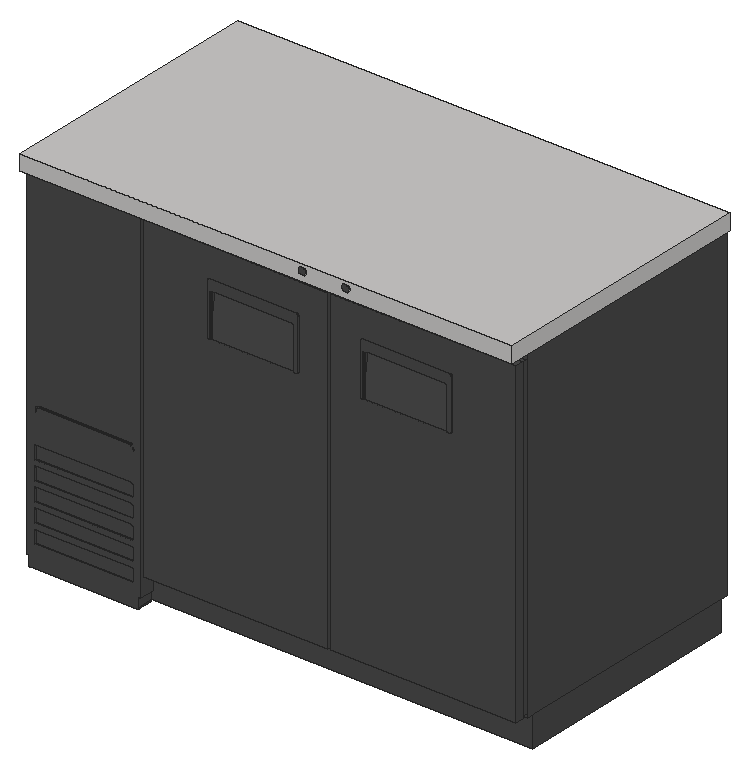
Revit family "QF_EVEREST_EBB48", category Specialty Equipment, Revit 2015
Parameters
  Weight in Pounds = 269
  Watts = if(Phase = 3, Volts * FL Amps * 1.73, Volts * FL Amps)  # 402.5 W
  Volts = 115 V
  URL Cutsheet = ""
  Specification by User = ""
  Specification by Manufacturer = ""
  Show Clearance [instance] = yes
  Show 6 Inches Legs [instance] = no
  Show 5 Inches Casters [instance] = no
  Show 3.5 Inches Legs [instance] = no
  Show 3 Inches Casters [instance] = no
  Serial Number = ""
  Seismic Rating = ""
  SMACNA No = ""
  Revision Code = ""
  Refrigerant Volume = 0.00 kip
  Refrigerant Type = "R-290"
  Phase = 1
  Number of Poles = 1
  NAFEM Spec ID Number = ""
  Model = "EBB48"
  Min Ckt Ampacity = 0 A
  Max Overcurrent Protection = 0 A
  Masterspec = ""
  Manufacturer = "EVEREST"
  Length = 1246 mm
  Item Number = ""
  Installed By = ""
  Identify Quantity as Lot = yes
  Height = 944 mm
  HP = "1/4+"
  Furnished By = ""
  Foodservice Equipment Identifier = yes
  FL Amps = 3.5 A
  Electrical Remarks = ""
  Electric Connection Type = ""
  Elec Conn RI Height = 0 mm
  Elec Conn Connection Height = 0 mm
  Description = "BACK BAR COOLERS"
  Depth = 688 mm
  Default [instance] = if(or(Show 3 Inches Casters, Show 5 Inches Casters), or(or(Show 3.5 Inches Legs, Show 6 Inches Legs), and(Show 3 Inches Casters, Show 5 Inches Casters)), if(Show 3.5 Inches Legs, Show 6 Inches Legs, not(Show 6 Inches Legs)))  # yes
  Cycle = 60 Hz
  Conn Plug = "NEMA 5-15P"
  Conn Conduit = yes
  CSI MasterFormat = ""
  Base Height [instance] = if(Show 3 Inches Casters, 76.2 mm, if(Show 5 Inches Casters, 127 mm, if(Show 3.5 Inches Legs, 88.9 mm, if(Show 6 Inches Legs, 152.4 mm, if(Default, 0 mm, 0 mm)))))  # 0 mm
  BTUH = 1926.0 Btu/h
  Apparent Power = if(Phase = 3, Volts * FL Amps * 1.73, Volts * FL Amps)  # 402.5 VA
Reference planes
  plane 1 "BACK": y = 0
  plane 2: z = 0
  plane 3 "LEFT": x = 0
  plane 4 "RIGHT": x = 1246
  plane 5 "FRONT": y = -688
  plane 6 "TOP": z = 944
  plane 7 "Center Y": x = 623
  plane 8 "Center X": y = -344
  plane 9: y = -1135
  plane 10: z = 0
  plane 11: x = 113
  plane 12: y = -575
  plane 13: x = 1133
  plane 14: y = -68
Dimensions and locks
  equal spacing: plane 3 "LEFT", plane 7 "Center Y", plane 4 "RIGHT"
  "Length": plane 3 "LEFT" to plane 4 "RIGHT"
  equal spacing: plane 5 "FRONT", plane 8 "Center X", plane 1 "BACK"
  "Depth": plane 5 "FRONT" to plane 1 "BACK"
  plane 5 "FRONT" to plane 1 "BACK" = 688 mm
  "Height": plane 6 "TOP" to level
  plane 1 "BACK" to plane 5 "FRONT" = 688 mm
  plane 1 "BACK" to plane 9 = 1135 mm
  plane 6 "TOP" to level = 944 mm
  plane 9 to plane 1 "BACK" = 1135 mm
  "Base Height": plane 10 to plane 2
  plane 12 to plane 5 "FRONT" = 113 mm
  aligned and locked: level to plane 2
  aligned and locked: nested 1 to plane 10
Nested families
  nested 1: "EBB48" at (0, 0, 0), Show Clearance <- "Show Clearance", type "EBB48"
    with Show Clearance yes
  nested 2: "CASTERS & LEGS" at (123, -575, 0), Show 3 Inches Casters <- "Show 3 Inches Casters", Show 5" Casters <- "Show 5 Inches Casters", Show 3.5 Inches Legs <- "Show 3.5 Inches Legs", Show 6"  Legs <- "Show 6 Inches Legs", type "CASTERS & LEGS"
    with Type Mark "", Specification by User "", Show 6"  Legs no, Show 5" Casters no, Show 3.5 Inches Legs no, Show 3 Inches Casters no, Revision Code "", Item Number "", Installed By "", Identify Quantity as Lot yes, Furnished By "", Foodservice Equipment Identifier yes
  nested 3: "CASTERS & LEGS" at (1143, -575, 0), Show 3 Inches Casters <- "Show 3 Inches Casters", Show 5" Casters <- "Show 5 Inches Casters", Show 3.5 Inches Legs <- "Show 3.5 Inches Legs", Show 6"  Legs <- "Show 6 Inches Legs", type "CASTERS & LEGS"
    with Type Mark "", Specification by User "", Show 6"  Legs no, Show 5" Casters no, Show 3.5 Inches Legs no, Show 3 Inches Casters no, Revision Code "", Item Number "", Installed By "", Identify Quantity as Lot yes, Furnished By "", Foodservice Equipment Identifier yes
  nested 4: "CASTERS & LEGS" at (123, -68, 0), Show 3 Inches Casters <- "Show 3 Inches Casters", Show 5" Casters <- "Show 5 Inches Casters", Show 3.5 Inches Legs <- "Show 3.5 Inches Legs", Show 6"  Legs <- "Show 6 Inches Legs", type "CASTERS & LEGS"
    with Type Mark "", Specification by User "", Show 6"  Legs no, Show 5" Casters no, Show 3.5 Inches Legs no, Show 3 Inches Casters no, Revision Code "", Item Number "", Installed By "", Identify Quantity as Lot yes, Furnished By "", Foodservice Equipment Identifier yes
  nested 5: "CASTERS & LEGS" at (1143, -68, 0), Show 3 Inches Casters <- "Show 3 Inches Casters", Show 5" Casters <- "Show 5 Inches Casters", Show 3.5 Inches Legs <- "Show 3.5 Inches Legs", Show 6"  Legs <- "Show 6 Inches Legs", type "CASTERS & LEGS"
    with Type Mark "", Specification by User "", Show 6"  Legs no, Show 5" Casters no, Show 3.5 Inches Legs no, Show 3 Inches Casters no, Revision Code "", Item Number "", Installed By "", Identify Quantity as Lot yes, Furnished By "", Foodservice Equipment Identifier yes
Connectors
  electrical at (145.438, -1, 508.297), driven by "Volts", driven by "Watts"
    settings: on nested 1, index 1, voltage 115 V, apparent load 402.5 VA, apparent load phase1 0 VA, apparent load phase2 0 VA, apparent load phase3 0 VA, power factor 1, load classification "Other", number of poles 1, system type 30, power factor state 1, is connector primary yes, connector utility no, sub classification motor no, connector description "ELECTRICAL CONNECTION"
Definition of nested family "EBB48"
  Parameters (values of type "EBB48")
    Weight in Pounds = 252
    Watts = if(Phase = 3, Volts * FL Amps * 1.73, Volts * FL Amps)  # 402.5 W
    Volts = 115 V
    URL Cutsheet = ""
    Specification by User = ""
    Specification by Manufacturer = ""
    Show Clearance [instance] = yes
    Serial Number = ""
    Seismic Rating = ""
    SMACNA No = ""
    Revision Code = ""
    Refrigerant Volume = 0.00 kip
    Refrigerant Type = "R-290"
    Phase = 1
    Number of Poles = 1
    NAFEM Spec ID Number = ""
    Model = "EBB23"
    Min Ckt Ampacity = 0 A
    Max Overcurrent Protection = 0 A
    Masterspec = ""
    Manufacturer = "EVEREST"
    Length = 1246 mm
    Item Number = ""
    Installed By = ""
    Identify Quantity as Lot = yes
    Height = 944 mm
    HP = "1/4+"
    Furnished By = ""
    Foodservice Equipment Identifier = yes
    FL Amps = 3.5 A
    Electrical Remarks = ""
    Electric Connection Type = ""
    Elec Conn RI Height = 0 mm
    Elec Conn Connection Height = 0 mm
    Description = "BACK BAR COOLERS"
    Depth = 688 mm
    Cycle = 60 Hz
    Conn Plug = "NEMA 5-15P"
    Conn Conduit = yes
    CSI MasterFormat = ""
    BTUH = 1926.0 Btu/h
    Apparent Power = if(Phase = 3, Volts * FL Amps * 1.73, Volts * FL Amps)  # 402.5 VA
  Reference planes
    plane 1 "BACK": y = 0
    plane 2: z = 0
    plane 3 "LEFT": x = 0
    plane 4 "RIGHT": x = 1246
    plane 5 "FRONT": y = -688
    plane 6 "TOP": z = 944
    plane 7 "Center Y": x = 623
    plane 8 "Center X": y = -344
    plane 9: z = 754
    plane 10: z = 55
    plane 11: z = 75
    plane 12: y = -1135
  Forms (mm)
    Extrusion 1, solid
      sketch origin (0, 0, -57) x (0, 1, 0) y (0, 0, 1)
        loop
          line (-688, 1001) -> (-688, 961) -> (0, 961) -> (0, 1001) -> (-688, 1001)
      from 0 to 1246
    Extrusion 2, solid
      sketch origin (0, 0, -57) x (0, 1, 0) y (0, 0, 1)
        loop
          line (-633, 961) -> (-633, 132) -> (-3, 132) -> (-3, 961) -> (-633, 961)
      from 3 to 1243
    Extrusion 3, solid
      sketch origin (0, -633, 894) x (0, 0, 1) y (-1, 0, 0)
        loop
          line (-809.8, -762.8) -> (-7.2, -762.8) -> (-7.2, -301.2) -> (-809.8, -301.2) -> (-809.8, -762.8)
        loop
          line (-7.2, -1238.8) -> (-7.2, -777.2) -> (-809.8, -777.2) -> (-809.8, -1238.8) -> (-7.2, -1238.8)
      from 0 to 15.5
    Extrusion 4, solid
      sketch origin (0, -648.5, 894) x (0, 0, 1) y (-1, 0, 0)
        loop
          line (-4, -774) -> (-813, -774) -> (-813, -1242) -> (-4, -1242) -> (-4, -774)
        loop
          line (-4, -766) -> (-4, -298) -> (-813, -298) -> (-813, -766) -> (-4, -766)
      from 0 to 22
    Extrusion 5, solid
      sketch origin (0, -688, 924) x (0, 0, 1) y (-1, 0, 0)
        loop
          arc (12, -709.898) -> (4, -705.522) -> (-4, -709.898) r 9.5
          line (-4, -709.898) -> (-4, -720.145)
          arc (-4, -720.145) -> (4, -724.522) -> (12, -720.145) r 9.5
          line (12, -720.145) -> (12, -709.898)
        loop
          arc (12, -819.855) -> (4, -815.478) -> (-4, -819.855) r 9.5
          line (-4, -819.855) -> (-4, -830.102)
          arc (-4, -830.102) -> (4, -834.478) -> (12, -830.102) r 9.5
          line (12, -830.102) -> (12, -819.855)
      from 0 to 0.3
    Extrusion 6, solid
      sketch origin (0, -670.5, 894) x (0, 0, 1) y (-1, 0, 0)
        loop
          arc (-104, -1063) -> (-105.464, -1066.536) -> (-109, -1068) r 5
          line (-109, -1068) -> (-210.5, -1068)
          arc (-210.5, -1068) -> (-211.856, -1068.273) -> (-213, -1069.051) r 3.5
          arc (-213, -1069.051) -> (-213.74, -1070.177) -> (-214, -1071.5) r 3.5
          line (-214, -1071.5) -> (-214, -1075.5)
          arc (-214, -1075.5) -> (-212.975, -1077.975) -> (-210.5, -1079) r 3.5
          line (-210.5, -1079) -> (-84, -1079)
          arc (-84, -1079) -> (-80.464, -1077.536) -> (-79, -1074) r 5
          line (-79, -1074) -> (-79, -854)
          arc (-79, -854) -> (-80.464, -850.464) -> (-84, -849) r 5
          line (-84, -849) -> (-210.5, -849)
          arc (-210.5, -849) -> (-212.975, -850.025) -> (-214, -852.5) r 3.5
          line (-214, -852.5) -> (-214, -856.5)
          arc (-214, -856.5) -> (-213.74, -857.823) -> (-213, -858.949) r 3.5
          arc (-213, -858.949) -> (-211.856, -859.727) -> (-210.5, -860) r 3.5
          line (-210.5, -860) -> (-109, -860)
          arc (-109, -860) -> (-105.464, -861.464) -> (-104, -865) r 5
          line (-104, -865) -> (-104, -1063)
        loop
          arc (-104, -675) -> (-105.464, -678.536) -> (-109, -680) r 5
          line (-109, -680) -> (-210.5, -680)
          arc (-210.5, -680) -> (-211.856, -680.273) -> (-213, -681.051) r 3.5
          arc (-213, -681.051) -> (-213.74, -682.177) -> (-214, -683.5) r 3.5
          line (-214, -683.5) -> (-214, -687.5)
          arc (-214, -687.5) -> (-212.975, -689.975) -> (-210.5, -691) r 3.5
          line (-210.5, -691) -> (-84, -691)
          arc (-84, -691) -> (-80.464, -689.536) -> (-79, -686) r 5
          line (-79, -686) -> (-79, -466)
          arc (-79, -466) -> (-80.464, -462.464) -> (-84, -461) r 5
          line (-84, -461) -> (-210.5, -461)
          arc (-210.5, -461) -> (-212.975, -462.025) -> (-214, -464.5) r 3.5
          line (-214, -464.5) -> (-214, -468.5)
          arc (-214, -468.5) -> (-213.74, -469.823) -> (-213, -470.949) r 3.5
          arc (-213, -470.949) -> (-211.856, -471.727) -> (-210.5, -472) r 3.5
          line (-210.5, -472) -> (-109, -472)
          arc (-109, -472) -> (-105.464, -473.464) -> (-104, -477) r 5
          line (-104, -477) -> (-104, -675)
      from 0 to 1
    Extrusion 7, void
      sketch origin (849, -670.5, 683.5) x (0, 0, -1) y (0, 1, 0)
        loop
          line (-106.5, 0) -> (3.5, 0) -> (-106.5, 15.459) -> (-106.5, 0)
      from 5 to 225
    Extrusion 8, solid
      sketch origin (0, 0, 0) x (1, 0, 0) y (0, 1, 0)
        loop
          line (3, -23) -> (3, -618) -> (1243, -618) -> (1243, -23) -> (3, -23)
      from 0 to 75
    Extrusion 9, void
      sketch origin (461, -670.5, 683.5) x (0, 0, -1) y (0, 1, 0)
        loop
          line (-106.5, 0) -> (3.5, 0) -> (-106.5, 15.459) -> (-106.5, 0)
      from 5 to 225
    Extrusion 10, solid
      sketch origin (0, -633, 894) x (0, 0, 1) y (-1, 0, 0)
        loop
          line (-864, -8) -> (-887, -8)
          arc (-887, -8) -> (-890.536, -9.464) -> (-892, -13) r 5
          line (-892, -13) -> (-892, -282.5)
          arc (-892, -282.5) -> (-890.536, -286.036) -> (-887, -287.5) r 5
          line (-887, -287.5) -> (-864, -287.5) -> (-864, -292.75) -> (10, -292.75) -> (10, -3) -> (-864, -3) -> (-864, -8)
      from 0 to 37.5
    Extrusion 11, void
      sketch origin (0, -670.5, 894) x (0, 0, -1) y (-1, 0, 0)
        loop
          arc (518.544, -263.002) -> (521.473, -270.073) -> (528.544, -273.002) r 10
          line (528.544, -273.002) -> (535.98, -273.002)
          arc (535.98, -273.002) -> (528.907, -270.072) -> (525.978, -263) r 10.002
          line (525.978, -263) -> (525.978, -34.502)
          arc (525.978, -34.502) -> (528.907, -27.43) -> (535.98, -24.5) r 10.002
          line (535.98, -24.5) -> (528.544, -24.5)
          arc (528.544, -24.5) -> (521.473, -27.429) -> (518.544, -34.5) r 10
          line (518.544, -34.5) -> (518.544, -263.002)
        loop
          line (609, -27.5) -> (609, -268)
          arc (609, -268) -> (610.464, -271.536) -> (614, -273) r 5
          line (614, -273) -> (644, -273) -> (644, -22.5) -> (614, -22.5)
          arc (614, -22.5) -> (610.464, -23.964) -> (609, -27.5) r 5
        loop
          line (657, -27.5) -> (657, -268)
          arc (657, -268) -> (658.464, -271.536) -> (662, -273) r 5
          line (662, -273) -> (692, -273) -> (692, -22.5) -> (662, -22.5)
          arc (662, -22.5) -> (658.464, -23.964) -> (657, -27.5) r 5
        loop
          line (705, -27.5) -> (705, -268)
          arc (705, -268) -> (706.464, -271.536) -> (710, -273) r 5
          line (710, -273) -> (740, -273) -> (740, -22.5) -> (710, -22.5)
          arc (710, -22.5) -> (706.464, -23.964) -> (705, -27.5) r 5
        loop
          line (753, -27.5) -> (753, -268)
          arc (753, -268) -> (754.464, -271.536) -> (758, -273) r 5
          line (758, -273) -> (788, -273) -> (788, -22.5) -> (758, -22.5)
          arc (758, -22.5) -> (754.464, -23.964) -> (753, -27.5) r 5
        loop
          line (801, -27.5) -> (801, -268)
          arc (801, -268) -> (802.464, -271.536) -> (806, -273) r 5
          line (806, -273) -> (836, -273) -> (836, -22.5) -> (806, -22.5)
          arc (806, -22.5) -> (802.464, -23.964) -> (801, -27.5) r 5
      from 0 to 5
    Extrusion 12, void
      sketch origin (3, 0, -57) x (0, 1, 0) y (0, 0, 1)
        loop
          line (-86.19, 444) -> (-117.851, 444)
          arc (-117.851, 444) -> (-121.851, 440) -> (-117.851, 436) r 4
          line (-117.851, 436) -> (-86.19, 436)
          arc (-86.19, 436) -> (-82.19, 440) -> (-86.19, 444) r 4
        loop
          line (-86.19, 431) -> (-117.851, 431)
          arc (-117.851, 431) -> (-121.851, 427) -> (-117.851, 423) r 4
          line (-117.851, 423) -> (-86.19, 423)
          arc (-86.19, 423) -> (-82.19, 427) -> (-86.19, 431) r 4
        loop
          line (-86.19, 418) -> (-117.851, 418)
          arc (-117.851, 418) -> (-121.851, 414) -> (-117.851, 410) r 4
          line (-117.851, 410) -> (-86.19, 410)
          arc (-86.19, 410) -> (-82.19, 414) -> (-86.19, 418) r 4
        loop
          line (-86.19, 405) -> (-117.851, 405)
          arc (-117.851, 405) -> (-121.851, 401) -> (-117.851, 397) r 4
          line (-117.851, 397) -> (-86.19, 397)
          arc (-86.19, 397) -> (-82.19, 401) -> (-86.19, 405) r 4
        loop
          line (-86.19, 392) -> (-117.851, 392)
          arc (-117.851, 392) -> (-121.851, 388) -> (-117.851, 384) r 4
          line (-117.851, 384) -> (-86.19, 384)
          arc (-86.19, 384) -> (-82.19, 388) -> (-86.19, 392) r 4
        loop
          line (-86.19, 379) -> (-117.851, 379)
          arc (-117.851, 379) -> (-121.851, 375) -> (-117.851, 371) r 4
          line (-117.851, 371) -> (-86.19, 371)
          arc (-86.19, 371) -> (-82.19, 375) -> (-86.19, 379) r 4
        loop
          line (-86.19, 366) -> (-117.851, 366)
          arc (-117.851, 366) -> (-121.851, 362) -> (-117.851, 358) r 4
          line (-117.851, 358) -> (-86.19, 358)
          arc (-86.19, 358) -> (-82.19, 362) -> (-86.19, 366) r 4
        loop
          line (-86.19, 353) -> (-117.851, 353)
          arc (-117.851, 353) -> (-121.851, 349) -> (-117.851, 345) r 4
          line (-117.851, 345) -> (-86.19, 345)
          arc (-86.19, 345) -> (-82.19, 349) -> (-86.19, 353) r 4
        loop
          line (-86.19, 340) -> (-117.851, 340)
          arc (-117.851, 340) -> (-121.851, 336) -> (-117.851, 332) r 4
          line (-117.851, 332) -> (-86.19, 332)
          arc (-86.19, 332) -> (-82.19, 336) -> (-86.19, 340) r 4
        loop
          line (-86.19, 327) -> (-117.851, 327)
          arc (-117.851, 327) -> (-121.851, 323) -> (-117.851, 319) r 4
          line (-117.851, 319) -> (-86.19, 319)
          arc (-86.19, 319) -> (-82.19, 323) -> (-86.19, 327) r 4
        loop
          line (-86.19, 314) -> (-117.851, 314)
          arc (-117.851, 314) -> (-121.851, 310) -> (-117.851, 306) r 4
          line (-117.851, 306) -> (-86.19, 306)
          arc (-86.19, 306) -> (-82.19, 310) -> (-86.19, 314) r 4
        loop
          line (-86.19, 301) -> (-117.851, 301)
          arc (-117.851, 301) -> (-121.851, 297) -> (-117.851, 293) r 4
          line (-117.851, 293) -> (-86.19, 293)
          arc (-86.19, 293) -> (-82.19, 297) -> (-86.19, 301) r 4
        loop
          line (-86.19, 288) -> (-117.851, 288)
          arc (-117.851, 288) -> (-121.851, 284) -> (-117.851, 280) r 4
          line (-117.851, 280) -> (-86.19, 280)
          arc (-86.19, 280) -> (-82.19, 284) -> (-86.19, 288) r 4
        loop
          line (-86.19, 275) -> (-117.851, 275)
          arc (-117.851, 275) -> (-121.851, 271) -> (-117.851, 267) r 4
          line (-117.851, 267) -> (-86.19, 267)
          arc (-86.19, 267) -> (-82.19, 271) -> (-86.19, 275) r 4
        loop
          line (-86.19, 262) -> (-117.851, 262)
          arc (-117.851, 262) -> (-121.851, 258) -> (-117.851, 254) r 4
          line (-117.851, 254) -> (-86.19, 254)
          arc (-86.19, 254) -> (-82.19, 258) -> (-86.19, 262) r 4
        loop
          line (-86.19, 249) -> (-117.851, 249)
          arc (-117.851, 249) -> (-121.851, 245) -> (-117.851, 241) r 4
          line (-117.851, 241) -> (-86.19, 241)
          arc (-86.19, 241) -> (-82.19, 245) -> (-86.19, 249) r 4
        loop
          line (-86.19, 236) -> (-117.851, 236)
          arc (-117.851, 236) -> (-121.851, 232) -> (-117.851, 228) r 4
          line (-117.851, 228) -> (-86.19, 228)
          arc (-86.19, 228) -> (-82.19, 232) -> (-86.19, 236) r 4
        loop
          line (-86.19, 223) -> (-117.851, 223)
          arc (-117.851, 223) -> (-121.851, 219) -> (-117.851, 215) r 4
          line (-117.851, 215) -> (-86.19, 215)
          arc (-86.19, 215) -> (-82.19, 219) -> (-86.19, 223) r 4
        loop
          line (-86.19, 210) -> (-117.851, 210)
          arc (-117.851, 210) -> (-121.851, 206) -> (-117.851, 202) r 4
          line (-117.851, 202) -> (-86.19, 202)
          arc (-86.19, 202) -> (-82.19, 206) -> (-86.19, 210) r 4
        loop
          line (-86.19, 197) -> (-117.851, 197)
          arc (-117.851, 197) -> (-121.851, 193) -> (-117.851, 189) r 4
          line (-117.851, 189) -> (-86.19, 189)
          arc (-86.19, 189) -> (-82.19, 193) -> (-86.19, 197) r 4
        loop
          line (-86.19, 184) -> (-117.851, 184)
          arc (-117.851, 184) -> (-121.851, 180) -> (-117.851, 176) r 4
          line (-117.851, 176) -> (-86.19, 176)
          arc (-86.19, 176) -> (-82.19, 180) -> (-86.19, 184) r 4
        loop
          line (-136.17, 444) -> (-167.83, 444)
          arc (-167.83, 444) -> (-171.83, 440) -> (-167.83, 436) r 4
          line (-167.83, 436) -> (-136.17, 436)
          arc (-136.17, 436) -> (-132.17, 440) -> (-136.17, 444) r 4
        loop
          line (-136.17, 431) -> (-167.83, 431)
          arc (-167.83, 431) -> (-171.83, 427) -> (-167.83, 423) r 4
          line (-167.83, 423) -> (-136.17, 423)
          arc (-136.17, 423) -> (-132.17, 427) -> (-136.17, 431) r 4
        loop
          line (-136.17, 418) -> (-167.83, 418)
          arc (-167.83, 418) -> (-171.83, 414) -> (-167.83, 410) r 4
          line (-167.83, 410) -> (-136.17, 410)
          arc (-136.17, 410) -> (-132.17, 414) -> (-136.17, 418) r 4
        loop
          line (-136.17, 405) -> (-167.83, 405)
          arc (-167.83, 405) -> (-171.83, 401) -> (-167.83, 397) r 4
          line (-167.83, 397) -> (-136.17, 397)
          arc (-136.17, 397) -> (-132.17, 401) -> (-136.17, 405) r 4
        loop
          line (-136.17, 392) -> (-167.83, 392)
          arc (-167.83, 392) -> (-171.83, 388) -> (-167.83, 384) r 4
          line (-167.83, 384) -> (-136.17, 384)
          arc (-136.17, 384) -> (-132.17, 388) -> (-136.17, 392) r 4
        loop
          line (-136.17, 379) -> (-167.83, 379)
          arc (-167.83, 379) -> (-171.83, 375) -> (-167.83, 371) r 4
          line (-167.83, 371) -> (-136.17, 371)
          arc (-136.17, 371) -> (-132.17, 375) -> (-136.17, 379) r 4
        loop
          line (-136.17, 366) -> (-167.83, 366)
          arc (-167.83, 366) -> (-171.83, 362) -> (-167.83, 358) r 4
          line (-167.83, 358) -> (-136.17, 358)
          arc (-136.17, 358) -> (-132.17, 362) -> (-136.17, 366) r 4
        loop
          line (-136.17, 353) -> (-167.83, 353)
          arc (-167.83, 353) -> (-171.83, 349) -> (-167.83, 345) r 4
          line (-167.83, 345) -> (-136.17, 345)
          arc (-136.17, 345) -> (-132.17, 349) -> (-136.17, 353) r 4
        loop
          line (-136.17, 340) -> (-167.83, 340)
          arc (-167.83, 340) -> (-171.83, 336) -> (-167.83, 332) r 4
          line (-167.83, 332) -> (-136.17, 332)
          arc (-136.17, 332) -> (-132.17, 336) -> (-136.17, 340) r 4
        loop
          line (-136.17, 327) -> (-167.83, 327)
          arc (-167.83, 327) -> (-171.83, 323) -> (-167.83, 319) r 4
          line (-167.83, 319) -> (-136.17, 319)
          arc (-136.17, 319) -> (-132.17, 323) -> (-136.17, 327) r 4
        loop
          line (-136.17, 314) -> (-167.83, 314)
          arc (-167.83, 314) -> (-171.83, 310) -> (-167.83, 306) r 4
          line (-167.83, 306) -> (-136.17, 306)
          arc (-136.17, 306) -> (-132.17, 310) -> (-136.17, 314) r 4
        loop
          line (-136.17, 301) -> (-167.83, 301)
          arc (-167.83, 301) -> (-171.83, 297) -> (-167.83, 293) r 4
          line (-167.83, 293) -> (-136.17, 293)
          arc (-136.17, 293) -> (-132.17, 297) -> (-136.17, 301) r 4
        loop
          line (-136.17, 288) -> (-167.83, 288)
          arc (-167.83, 288) -> (-171.83, 284) -> (-167.83, 280) r 4
          line (-167.83, 280) -> (-136.17, 280)
          arc (-136.17, 280) -> (-132.17, 284) -> (-136.17, 288) r 4
        loop
          line (-136.17, 275) -> (-167.83, 275)
          arc (-167.83, 275) -> (-171.83, 271) -> (-167.83, 267) r 4
          line (-167.83, 267) -> (-136.17, 267)
          arc (-136.17, 267) -> (-132.17, 271) -> (-136.17, 275) r 4
        loop
          line (-136.17, 262) -> (-167.83, 262)
          arc (-167.83, 262) -> (-171.83, 258) -> (-167.83, 254) r 4
          line (-167.83, 254) -> (-136.17, 254)
          arc (-136.17, 254) -> (-132.17, 258) -> (-136.17, 262) r 4
        loop
          line (-136.17, 249) -> (-167.83, 249)
          arc (-167.83, 249) -> (-171.83, 245) -> (-167.83, 241) r 4
          line (-167.83, 241) -> (-136.17, 241)
          arc (-136.17, 241) -> (-132.17, 245) -> (-136.17, 249) r 4
        loop
          line (-136.17, 236) -> (-167.83, 236)
          arc (-167.83, 236) -> (-171.83, 232) -> (-167.83, 228) r 4
          line (-167.83, 228) -> (-136.17, 228)
          arc (-136.17, 228) -> (-132.17, 232) -> (-136.17, 236) r 4
        loop
          line (-136.17, 223) -> (-167.83, 223)
          arc (-167.83, 223) -> (-171.83, 219) -> (-167.83, 215) r 4
          line (-167.83, 215) -> (-136.17, 215)
          arc (-136.17, 215) -> (-132.17, 219) -> (-136.17, 223) r 4
        loop
          line (-136.17, 210) -> (-167.83, 210)
          arc (-167.83, 210) -> (-171.83, 206) -> (-167.83, 202) r 4
          line (-167.83, 202) -> (-136.17, 202)
          arc (-136.17, 202) -> (-132.17, 206) -> (-136.17, 210) r 4
        loop
          line (-136.17, 197) -> (-167.83, 197)
          arc (-167.83, 197) -> (-171.83, 193) -> (-167.83, 189) r 4
          line (-167.83, 189) -> (-136.17, 189)
          arc (-136.17, 189) -> (-132.17, 193) -> (-136.17, 197) r 4
        loop
          line (-136.17, 184) -> (-167.83, 184)
          arc (-167.83, 184) -> (-171.83, 180) -> (-167.83, 176) r 4
          line (-167.83, 176) -> (-136.17, 176)
          arc (-136.17, 176) -> (-132.17, 180) -> (-136.17, 184) r 4
        loop
          line (-186.17, 444) -> (-217.83, 444)
          arc (-217.83, 444) -> (-221.83, 440) -> (-217.83, 436) r 4
          line (-217.83, 436) -> (-186.17, 436)
          arc (-186.17, 436) -> (-182.17, 440) -> (-186.17, 444) r 4
        loop
          line (-186.17, 431) -> (-217.83, 431)
          arc (-217.83, 431) -> (-221.83, 427) -> (-217.83, 423) r 4
          line (-217.83, 423) -> (-186.17, 423)
          arc (-186.17, 423) -> (-182.17, 427) -> (-186.17, 431) r 4
        loop
          line (-186.17, 418) -> (-217.83, 418)
          arc (-217.83, 418) -> (-221.83, 414) -> (-217.83, 410) r 4
          line (-217.83, 410) -> (-186.17, 410)
          arc (-186.17, 410) -> (-182.17, 414) -> (-186.17, 418) r 4
        loop
          line (-186.17, 405) -> (-217.83, 405)
          arc (-217.83, 405) -> (-221.83, 401) -> (-217.83, 397) r 4
          line (-217.83, 397) -> (-186.17, 397)
          arc (-186.17, 397) -> (-182.17, 401) -> (-186.17, 405) r 4
        loop
          line (-186.17, 392) -> (-217.83, 392)
          arc (-217.83, 392) -> (-221.83, 388) -> (-217.83, 384) r 4
          line (-217.83, 384) -> (-186.17, 384)
          arc (-186.17, 384) -> (-182.17, 388) -> (-186.17, 392) r 4
        loop
          line (-186.17, 379) -> (-217.83, 379)
          arc (-217.83, 379) -> (-221.83, 375) -> (-217.83, 371) r 4
          line (-217.83, 371) -> (-186.17, 371)
          arc (-186.17, 371) -> (-182.17, 375) -> (-186.17, 379) r 4
        loop
          line (-186.17, 366) -> (-217.83, 366)
          arc (-217.83, 366) -> (-221.83, 362) -> (-217.83, 358) r 4
          line (-217.83, 358) -> (-186.17, 358)
          arc (-186.17, 358) -> (-182.17, 362) -> (-186.17, 366) r 4
        loop
          line (-186.17, 353) -> (-217.83, 353)
          arc (-217.83, 353) -> (-221.83, 349) -> (-217.83, 345) r 4
          line (-217.83, 345) -> (-186.17, 345)
          arc (-186.17, 345) -> (-182.17, 349) -> (-186.17, 353) r 4
        loop
          line (-186.17, 340) -> (-217.83, 340)
          arc (-217.83, 340) -> (-221.83, 336) -> (-217.83, 332) r 4
          line (-217.83, 332) -> (-186.17, 332)
          arc (-186.17, 332) -> (-182.17, 336) -> (-186.17, 340) r 4
        loop
          line (-186.17, 327) -> (-217.83, 327)
          arc (-217.83, 327) -> (-221.83, 323) -> (-217.83, 319) r 4
          line (-217.83, 319) -> (-186.17, 319)
          arc (-186.17, 319) -> (-182.17, 323) -> (-186.17, 327) r 4
        loop
          line (-186.17, 314) -> (-217.83, 314)
          arc (-217.83, 314) -> (-221.83, 310) -> (-217.83, 306) r 4
          line (-217.83, 306) -> (-186.17, 306)
          arc (-186.17, 306) -> (-182.17, 310) -> (-186.17, 314) r 4
        loop
          line (-186.17, 301) -> (-217.83, 301)
          arc (-217.83, 301) -> (-221.83, 297) -> (-217.83, 293) r 4
          line (-217.83, 293) -> (-186.17, 293)
          arc (-186.17, 293) -> (-182.17, 297) -> (-186.17, 301) r 4
        loop
          line (-186.17, 288) -> (-217.83, 288)
          arc (-217.83, 288) -> (-221.83, 284) -> (-217.83, 280) r 4
          line (-217.83, 280) -> (-186.17, 280)
          arc (-186.17, 280) -> (-182.17, 284) -> (-186.17, 288) r 4
        loop
          line (-186.17, 275) -> (-217.83, 275)
          arc (-217.83, 275) -> (-221.83, 271) -> (-217.83, 267) r 4
          line (-217.83, 267) -> (-186.17, 267)
          arc (-186.17, 267) -> (-182.17, 271) -> (-186.17, 275) r 4
        loop
          line (-186.17, 262) -> (-217.83, 262)
          arc (-217.83, 262) -> (-221.83, 258) -> (-217.83, 254) r 4
          line (-217.83, 254) -> (-186.17, 254)
          arc (-186.17, 254) -> (-182.17, 258) -> (-186.17, 262) r 4
        loop
          line (-186.17, 249) -> (-217.83, 249)
          arc (-217.83, 249) -> (-221.83, 245) -> (-217.83, 241) r 4
          line (-217.83, 241) -> (-186.17, 241)
          arc (-186.17, 241) -> (-182.17, 245) -> (-186.17, 249) r 4
        loop
          line (-186.17, 236) -> (-217.83, 236)
          arc (-217.83, 236) -> (-221.83, 232) -> (-217.83, 228) r 4
          line (-217.83, 228) -> (-186.17, 228)
          arc (-186.17, 228) -> (-182.17, 232) -> (-186.17, 236) r 4
        loop
          line (-186.17, 223) -> (-217.83, 223)
          arc (-217.83, 223) -> (-221.83, 219) -> (-217.83, 215) r 4
          line (-217.83, 215) -> (-186.17, 215)
          arc (-186.17, 215) -> (-182.17, 219) -> (-186.17, 223) r 4
        loop
          line (-186.17, 210) -> (-217.83, 210)
          arc (-217.83, 210) -> (-221.83, 206) -> (-217.83, 202) r 4
          line (-217.83, 202) -> (-186.17, 202)
          arc (-186.17, 202) -> (-182.17, 206) -> (-186.17, 210) r 4
        loop
          line (-186.17, 197) -> (-217.83, 197)
          arc (-217.83, 197) -> (-221.83, 193) -> (-217.83, 189) r 4
          line (-217.83, 189) -> (-186.17, 189)
          arc (-186.17, 189) -> (-182.17, 193) -> (-186.17, 197) r 4
        loop
          line (-186.17, 184) -> (-217.83, 184)
          arc (-217.83, 184) -> (-221.83, 180) -> (-217.83, 176) r 4
          line (-217.83, 176) -> (-186.17, 176)
          arc (-186.17, 176) -> (-182.17, 180) -> (-186.17, 184) r 4
        loop
          line (-236.17, 444) -> (-267.83, 444)
          arc (-267.83, 444) -> (-271.83, 440) -> (-267.83, 436) r 4
          line (-267.83, 436) -> (-236.17, 436)
          arc (-236.17, 436) -> (-232.17, 440) -> (-236.17, 444) r 4
        loop
          line (-236.17, 431) -> (-267.83, 431)
          arc (-267.83, 431) -> (-271.83, 427) -> (-267.83, 423) r 4
          line (-267.83, 423) -> (-236.17, 423)
          arc (-236.17, 423) -> (-232.17, 427) -> (-236.17, 431) r 4
        loop
          line (-236.17, 418) -> (-267.83, 418)
          arc (-267.83, 418) -> (-271.83, 414) -> (-267.83, 410) r 4
          line (-267.83, 410) -> (-236.17, 410)
          arc (-236.17, 410) -> (-232.17, 414) -> (-236.17, 418) r 4
        loop
          line (-236.17, 405) -> (-267.83, 405)
          arc (-267.83, 405) -> (-271.83, 401) -> (-267.83, 397) r 4
          line (-267.83, 397) -> (-236.17, 397)
          arc (-236.17, 397) -> (-232.17, 401) -> (-236.17, 405) r 4
        loop
          line (-236.17, 392) -> (-267.83, 392)
          arc (-267.83, 392) -> (-271.83, 388) -> (-267.83, 384) r 4
          line (-267.83, 384) -> (-236.17, 384)
          arc (-236.17, 384) -> (-232.17, 388) -> (-236.17, 392) r 4
        loop
          line (-236.17, 379) -> (-267.83, 379)
          arc (-267.83, 379) -> (-271.83, 375) -> (-267.83, 371) r 4
          line (-267.83, 371) -> (-236.17, 371)
          arc (-236.17, 371) -> (-232.17, 375) -> (-236.17, 379) r 4
        loop
          line (-236.17, 366) -> (-267.83, 366)
          arc (-267.83, 366) -> (-271.83, 362) -> (-267.83, 358) r 4
          line (-267.83, 358) -> (-236.17, 358)
          arc (-236.17, 358) -> (-232.17, 362) -> (-236.17, 366) r 4
        loop
          line (-236.17, 353) -> (-267.83, 353)
          arc (-267.83, 353) -> (-271.83, 349) -> (-267.83, 345) r 4
          line (-267.83, 345) -> (-236.17, 345)
          arc (-236.17, 345) -> (-232.17, 349) -> (-236.17, 353) r 4
        loop
          line (-236.17, 340) -> (-267.83, 340)
          arc (-267.83, 340) -> (-271.83, 336) -> (-267.83, 332) r 4
          line (-267.83, 332) -> (-236.17, 332)
          arc (-236.17, 332) -> (-232.17, 336) -> (-236.17, 340) r 4
        loop
          line (-236.17, 327) -> (-267.83, 327)
          arc (-267.83, 327) -> (-271.83, 323) -> (-267.83, 319) r 4
          line (-267.83, 319) -> (-236.17, 319)
          arc (-236.17, 319) -> (-232.17, 323) -> (-236.17, 327) r 4
        loop
          line (-236.17, 314) -> (-267.83, 314)
          arc (-267.83, 314) -> (-271.83, 310) -> (-267.83, 306) r 4
          line (-267.83, 306) -> (-236.17, 306)
          arc (-236.17, 306) -> (-232.17, 310) -> (-236.17, 314) r 4
        loop
          line (-236.17, 301) -> (-267.83, 301)
          arc (-267.83, 301) -> (-271.83, 297) -> (-267.83, 293) r 4
          line (-267.83, 293) -> (-236.17, 293)
          arc (-236.17, 293) -> (-232.17, 297) -> (-236.17, 301) r 4
        loop
          line (-236.17, 288) -> (-267.83, 288)
          arc (-267.83, 288) -> (-271.83, 284) -> (-267.83, 280) r 4
          line (-267.83, 280) -> (-236.17, 280)
          arc (-236.17, 280) -> (-232.17, 284) -> (-236.17, 288) r 4
        loop
          line (-236.17, 275) -> (-267.83, 275)
          arc (-267.83, 275) -> (-271.83, 271) -> (-267.83, 267) r 4
          line (-267.83, 267) -> (-236.17, 267)
          arc (-236.17, 267) -> (-232.17, 271) -> (-236.17, 275) r 4
        loop
          line (-236.17, 262) -> (-267.83, 262)
          arc (-267.83, 262) -> (-271.83, 258) -> (-267.83, 254) r 4
          line (-267.83, 254) -> (-236.17, 254)
          arc (-236.17, 254) -> (-232.17, 258) -> (-236.17, 262) r 4
        loop
          line (-236.17, 249) -> (-267.83, 249)
          arc (-267.83, 249) -> (-271.83, 245) -> (-267.83, 241) r 4
          line (-267.83, 241) -> (-236.17, 241)
          arc (-236.17, 241) -> (-232.17, 245) -> (-236.17, 249) r 4
        loop
          line (-236.17, 236) -> (-267.83, 236)
          arc (-267.83, 236) -> (-271.83, 232) -> (-267.83, 228) r 4
          line (-267.83, 228) -> (-236.17, 228)
          arc (-236.17, 228) -> (-232.17, 232) -> (-236.17, 236) r 4
        loop
          line (-236.17, 223) -> (-267.83, 223)
          arc (-267.83, 223) -> (-271.83, 219) -> (-267.83, 215) r 4
          line (-267.83, 215) -> (-236.17, 215)
          arc (-236.17, 215) -> (-232.17, 219) -> (-236.17, 223) r 4
        loop
          line (-236.17, 210) -> (-267.83, 210)
          arc (-267.83, 210) -> (-271.83, 206) -> (-267.83, 202) r 4
          line (-267.83, 202) -> (-236.17, 202)
          arc (-236.17, 202) -> (-232.17, 206) -> (-236.17, 210) r 4
        loop
          line (-236.17, 197) -> (-267.83, 197)
          arc (-267.83, 197) -> (-271.83, 193) -> (-267.83, 189) r 4
          line (-267.83, 189) -> (-236.17, 189)
          arc (-236.17, 189) -> (-232.17, 193) -> (-236.17, 197) r 4
        loop
          line (-236.17, 184) -> (-267.83, 184)
          arc (-267.83, 184) -> (-271.83, 180) -> (-267.83, 176) r 4
          line (-267.83, 176) -> (-236.17, 176)
          arc (-236.17, 176) -> (-232.17, 180) -> (-236.17, 184) r 4
        loop
          line (-286.17, 444) -> (-317.83, 444)
          arc (-317.83, 444) -> (-321.83, 440) -> (-317.83, 436) r 4
          line (-317.83, 436) -> (-286.17, 436)
          arc (-286.17, 436) -> (-282.17, 440) -> (-286.17, 444) r 4
        loop
          line (-286.17, 431) -> (-317.83, 431)
          arc (-317.83, 431) -> (-321.83, 427) -> (-317.83, 423) r 4
          line (-317.83, 423) -> (-286.17, 423)
          arc (-286.17, 423) -> (-282.17, 427) -> (-286.17, 431) r 4
        loop
          line (-286.17, 418) -> (-317.83, 418)
          arc (-317.83, 418) -> (-321.83, 414) -> (-317.83, 410) r 4
          line (-317.83, 410) -> (-286.17, 410)
          arc (-286.17, 410) -> (-282.17, 414) -> (-286.17, 418) r 4
        loop
          line (-286.17, 405) -> (-317.83, 405)
          arc (-317.83, 405) -> (-321.83, 401) -> (-317.83, 397) r 4
          line (-317.83, 397) -> (-286.17, 397)
          arc (-286.17, 397) -> (-282.17, 401) -> (-286.17, 405) r 4
        loop
          line (-286.17, 392) -> (-317.83, 392)
          arc (-317.83, 392) -> (-321.83, 388) -> (-317.83, 384) r 4
          line (-317.83, 384) -> (-286.17, 384)
          arc (-286.17, 384) -> (-282.17, 388) -> (-286.17, 392) r 4
        loop
          line (-286.17, 379) -> (-317.83, 379)
          arc (-317.83, 379) -> (-321.83, 375) -> (-317.83, 371) r 4
          line (-317.83, 371) -> (-286.17, 371)
          arc (-286.17, 371) -> (-282.17, 375) -> (-286.17, 379) r 4
        loop
          line (-286.17, 366) -> (-317.83, 366)
          arc (-317.83, 366) -> (-321.83, 362) -> (-317.83, 358) r 4
          line (-317.83, 358) -> (-286.17, 358)
          arc (-286.17, 358) -> (-282.17, 362) -> (-286.17, 366) r 4
        loop
          line (-286.17, 353) -> (-317.83, 353)
          arc (-317.83, 353) -> (-321.83, 349) -> (-317.83, 345) r 4
          line (-317.83, 345) -> (-286.17, 345)
          arc (-286.17, 345) -> (-282.17, 349) -> (-286.17, 353) r 4
        loop
          line (-286.17, 340) -> (-317.83, 340)
          arc (-317.83, 340) -> (-321.83, 336) -> (-317.83, 332) r 4
          line (-317.83, 332) -> (-286.17, 332)
          arc (-286.17, 332) -> (-282.17, 336) -> (-286.17, 340) r 4
        loop
          line (-286.17, 327) -> (-317.83, 327)
          arc (-317.83, 327) -> (-321.83, 323) -> (-317.83, 319) r 4
          line (-317.83, 319) -> (-286.17, 319)
          arc (-286.17, 319) -> (-282.17, 323) -> (-286.17, 327) r 4
        loop
          line (-286.17, 314) -> (-317.83, 314)
          arc (-317.83, 314) -> (-321.83, 310) -> (-317.83, 306) r 4
          line (-317.83, 306) -> (-286.17, 306)
          arc (-286.17, 306) -> (-282.17, 310) -> (-286.17, 314) r 4
        loop
          line (-286.17, 301) -> (-317.83, 301)
          arc (-317.83, 301) -> (-321.83, 297) -> (-317.83, 293) r 4
          line (-317.83, 293) -> (-286.17, 293)
          arc (-286.17, 293) -> (-282.17, 297) -> (-286.17, 301) r 4
        loop
          line (-286.17, 288) -> (-317.83, 288)
          arc (-317.83, 288) -> (-321.83, 284) -> (-317.83, 280) r 4
          line (-317.83, 280) -> (-286.17, 280)
          arc (-286.17, 280) -> (-282.17, 284) -> (-286.17, 288) r 4
        loop
          line (-286.17, 275) -> (-317.83, 275)
          arc (-317.83, 275) -> (-321.83, 271) -> (-317.83, 267) r 4
          line (-317.83, 267) -> (-286.17, 267)
          arc (-286.17, 267) -> (-282.17, 271) -> (-286.17, 275) r 4
        loop
          line (-286.17, 262) -> (-317.83, 262)
          arc (-317.83, 262) -> (-321.83, 258) -> (-317.83, 254) r 4
          line (-317.83, 254) -> (-286.17, 254)
          arc (-286.17, 254) -> (-282.17, 258) -> (-286.17, 262) r 4
        loop
          line (-286.17, 249) -> (-317.83, 249)
          arc (-317.83, 249) -> (-321.83, 245) -> (-317.83, 241) r 4
          line (-317.83, 241) -> (-286.17, 241)
          arc (-286.17, 241) -> (-282.17, 245) -> (-286.17, 249) r 4
        loop
          line (-286.17, 236) -> (-317.83, 236)
          arc (-317.83, 236) -> (-321.83, 232) -> (-317.83, 228) r 4
          line (-317.83, 228) -> (-286.17, 228)
          arc (-286.17, 228) -> (-282.17, 232) -> (-286.17, 236) r 4
        loop
          line (-286.17, 223) -> (-317.83, 223)
          arc (-317.83, 223) -> (-321.83, 219) -> (-317.83, 215) r 4
          line (-317.83, 215) -> (-286.17, 215)
          arc (-286.17, 215) -> (-282.17, 219) -> (-286.17, 223) r 4
        loop
          line (-286.17, 210) -> (-317.83, 210)
          arc (-317.83, 210) -> (-321.83, 206) -> (-317.83, 202) r 4
          line (-317.83, 202) -> (-286.17, 202)
          arc (-286.17, 202) -> (-282.17, 206) -> (-286.17, 210) r 4
        loop
          line (-286.17, 197) -> (-317.83, 197)
          arc (-317.83, 197) -> (-321.83, 193) -> (-317.83, 189) r 4
          line (-317.83, 189) -> (-286.17, 189)
          arc (-286.17, 189) -> (-282.17, 193) -> (-286.17, 197) r 4
        loop
          line (-286.17, 184) -> (-317.83, 184)
          arc (-317.83, 184) -> (-321.83, 180) -> (-317.83, 176) r 4
          line (-317.83, 176) -> (-286.17, 176)
          arc (-286.17, 176) -> (-282.17, 180) -> (-286.17, 184) r 4
        loop
          line (-336.17, 444) -> (-367.83, 444)
          arc (-367.83, 444) -> (-371.83, 440) -> (-367.83, 436) r 4
          line (-367.83, 436) -> (-336.17, 436)
          arc (-336.17, 436) -> (-332.17, 440) -> (-336.17, 444) r 4
        loop
          line (-336.17, 431) -> (-367.83, 431)
          arc (-367.83, 431) -> (-371.83, 427) -> (-367.83, 423) r 4
          line (-367.83, 423) -> (-336.17, 423)
          arc (-336.17, 423) -> (-332.17, 427) -> (-336.17, 431) r 4
        loop
          line (-336.17, 418) -> (-367.83, 418)
          arc (-367.83, 418) -> (-371.83, 414) -> (-367.83, 410) r 4
          line (-367.83, 410) -> (-336.17, 410)
          arc (-336.17, 410) -> (-332.17, 414) -> (-336.17, 418) r 4
        loop
          line (-336.17, 405) -> (-367.83, 405)
          arc (-367.83, 405) -> (-371.83, 401) -> (-367.83, 397) r 4
          line (-367.83, 397) -> (-336.17, 397)
          arc (-336.17, 397) -> (-332.17, 401) -> (-336.17, 405) r 4
        loop
          line (-336.17, 392) -> (-367.83, 392)
          arc (-367.83, 392) -> (-371.83, 388) -> (-367.83, 384) r 4
          line (-367.83, 384) -> (-336.17, 384)
          arc (-336.17, 384) -> (-332.17, 388) -> (-336.17, 392) r 4
        loop
          line (-336.17, 379) -> (-367.83, 379)
          arc (-367.83, 379) -> (-371.83, 375) -> (-367.83, 371) r 4
          line (-367.83, 371) -> (-336.17, 371)
          arc (-336.17, 371) -> (-332.17, 375) -> (-336.17, 379) r 4
        loop
          line (-336.17, 366) -> (-367.83, 366)
          arc (-367.83, 366) -> (-371.83, 362) -> (-367.83, 358) r 4
          line (-367.83, 358) -> (-336.17, 358)
          arc (-336.17, 358) -> (-332.17, 362) -> (-336.17, 366) r 4
        loop
          line (-336.17, 353) -> (-367.83, 353)
          arc (-367.83, 353) -> (-371.83, 349) -> (-367.83, 345) r 4
          line (-367.83, 345) -> (-336.17, 345)
          arc (-336.17, 345) -> (-332.17, 349) -> (-336.17, 353) r 4
        loop
          line (-336.17, 340) -> (-367.83, 340)
          arc (-367.83, 340) -> (-371.83, 336) -> (-367.83, 332) r 4
          line (-367.83, 332) -> (-336.17, 332)
          arc (-336.17, 332) -> (-332.17, 336) -> (-336.17, 340) r 4
        loop
          line (-336.17, 327) -> (-367.83, 327)
          arc (-367.83, 327) -> (-371.83, 323) -> (-367.83, 319) r 4
          line (-367.83, 319) -> (-336.17, 319)
          arc (-336.17, 319) -> (-332.17, 323) -> (-336.17, 327) r 4
        loop
          line (-336.17, 314) -> (-367.83, 314)
          arc (-367.83, 314) -> (-371.83, 310) -> (-367.83, 306) r 4
          line (-367.83, 306) -> (-336.17, 306)
          arc (-336.17, 306) -> (-332.17, 310) -> (-336.17, 314) r 4
        loop
          line (-336.17, 301) -> (-367.83, 301)
          arc (-367.83, 301) -> (-371.83, 297) -> (-367.83, 293) r 4
          line (-367.83, 293) -> (-336.17, 293)
          arc (-336.17, 293) -> (-332.17, 297) -> (-336.17, 301) r 4
        loop
          line (-336.17, 288) -> (-367.83, 288)
          arc (-367.83, 288) -> (-371.83, 284) -> (-367.83, 280) r 4
          line (-367.83, 280) -> (-336.17, 280)
          arc (-336.17, 280) -> (-332.17, 284) -> (-336.17, 288) r 4
        loop
          line (-336.17, 275) -> (-367.83, 275)
          arc (-367.83, 275) -> (-371.83, 271) -> (-367.83, 267) r 4
          line (-367.83, 267) -> (-336.17, 267)
          arc (-336.17, 267) -> (-332.17, 271) -> (-336.17, 275) r 4
        loop
          line (-336.17, 262) -> (-367.83, 262)
          arc (-367.83, 262) -> (-371.83, 258) -> (-367.83, 254) r 4
          line (-367.83, 254) -> (-336.17, 254)
          arc (-336.17, 254) -> (-332.17, 258) -> (-336.17, 262) r 4
        loop
          line (-336.17, 249) -> (-367.83, 249)
          arc (-367.83, 249) -> (-371.83, 245) -> (-367.83, 241) r 4
          line (-367.83, 241) -> (-336.17, 241)
          arc (-336.17, 241) -> (-332.17, 245) -> (-336.17, 249) r 4
        loop
          line (-336.17, 236) -> (-367.83, 236)
          arc (-367.83, 236) -> (-371.83, 232) -> (-367.83, 228) r 4
          line (-367.83, 228) -> (-336.17, 228)
          arc (-336.17, 228) -> (-332.17, 232) -> (-336.17, 236) r 4
        loop
          line (-336.17, 223) -> (-367.83, 223)
          arc (-367.83, 223) -> (-371.83, 219) -> (-367.83, 215) r 4
          line (-367.83, 215) -> (-336.17, 215)
          arc (-336.17, 215) -> (-332.17, 219) -> (-336.17, 223) r 4
        loop
          line (-336.17, 210) -> (-367.83, 210)
          arc (-367.83, 210) -> (-371.83, 206) -> (-367.83, 202) r 4
          line (-367.83, 202) -> (-336.17, 202)
          arc (-336.17, 202) -> (-332.17, 206) -> (-336.17, 210) r 4
        loop
          line (-336.17, 197) -> (-367.83, 197)
          arc (-367.83, 197) -> (-371.83, 193) -> (-367.83, 189) r 4
          line (-367.83, 189) -> (-336.17, 189)
          arc (-336.17, 189) -> (-332.17, 193) -> (-336.17, 197) r 4
        loop
          line (-336.17, 184) -> (-367.83, 184)
          arc (-367.83, 184) -> (-371.83, 180) -> (-367.83, 176) r 4
          line (-367.83, 176) -> (-336.17, 176)
          arc (-336.17, 176) -> (-332.17, 180) -> (-336.17, 184) r 4
        loop
          line (-386.17, 444) -> (-417.83, 444)
          arc (-417.83, 444) -> (-421.83, 440) -> (-417.83, 436) r 4
          line (-417.83, 436) -> (-386.17, 436)
          arc (-386.17, 436) -> (-382.17, 440) -> (-386.17, 444) r 4
        loop
          line (-386.17, 431) -> (-417.83, 431)
          arc (-417.83, 431) -> (-421.83, 427) -> (-417.83, 423) r 4
          line (-417.83, 423) -> (-386.17, 423)
          arc (-386.17, 423) -> (-382.17, 427) -> (-386.17, 431) r 4
        loop
          line (-386.17, 418) -> (-417.83, 418)
          arc (-417.83, 418) -> (-421.83, 414) -> (-417.83, 410) r 4
          line (-417.83, 410) -> (-386.17, 410)
          arc (-386.17, 410) -> (-382.17, 414) -> (-386.17, 418) r 4
        loop
          line (-386.17, 405) -> (-417.83, 405)
          arc (-417.83, 405) -> (-421.83, 401) -> (-417.83, 397) r 4
          line (-417.83, 397) -> (-386.17, 397)
          arc (-386.17, 397) -> (-382.17, 401) -> (-386.17, 405) r 4
        loop
          line (-386.17, 392) -> (-417.83, 392)
          arc (-417.83, 392) -> (-421.83, 388) -> (-417.83, 384) r 4
          line (-417.83, 384) -> (-386.17, 384)
          arc (-386.17, 384) -> (-382.17, 388) -> (-386.17, 392) r 4
        loop
          line (-386.17, 379) -> (-417.83, 379)
          arc (-417.83, 379) -> (-421.83, 375) -> (-417.83, 371) r 4
          line (-417.83, 371) -> (-386.17, 371)
          arc (-386.17, 371) -> (-382.17, 375) -> (-386.17, 379) r 4
        loop
          line (-386.17, 366) -> (-417.83, 366)
          arc (-417.83, 366) -> (-421.83, 362) -> (-417.83, 358) r 4
          line (-417.83, 358) -> (-386.17, 358)
          arc (-386.17, 358) -> (-382.17, 362) -> (-386.17, 366) r 4
        loop
          line (-386.17, 353) -> (-417.83, 353)
          arc (-417.83, 353) -> (-421.83, 349) -> (-417.83, 345) r 4
          line (-417.83, 345) -> (-386.17, 345)
          arc (-386.17, 345) -> (-382.17, 349) -> (-386.17, 353) r 4
        loop
          line (-386.17, 340) -> (-417.83, 340)
          arc (-417.83, 340) -> (-421.83, 336) -> (-417.83, 332) r 4
          line (-417.83, 332) -> (-386.17, 332)
          arc (-386.17, 332) -> (-382.17, 336) -> (-386.17, 340) r 4
        loop
          line (-386.17, 327) -> (-417.83, 327)
          arc (-417.83, 327) -> (-421.83, 323) -> (-417.83, 319) r 4
          line (-417.83, 319) -> (-386.17, 319)
          arc (-386.17, 319) -> (-382.17, 323) -> (-386.17, 327) r 4
        loop
          line (-386.17, 314) -> (-417.83, 314)
          arc (-417.83, 314) -> (-421.83, 310) -> (-417.83, 306) r 4
          line (-417.83, 306) -> (-386.17, 306)
          arc (-386.17, 306) -> (-382.17, 310) -> (-386.17, 314) r 4
        loop
          line (-386.17, 301) -> (-417.83, 301)
          arc (-417.83, 301) -> (-421.83, 297) -> (-417.83, 293) r 4
          line (-417.83, 293) -> (-386.17, 293)
          arc (-386.17, 293) -> (-382.17, 297) -> (-386.17, 301) r 4
        loop
          line (-386.17, 288) -> (-417.83, 288)
          arc (-417.83, 288) -> (-421.83, 284) -> (-417.83, 280) r 4
          line (-417.83, 280) -> (-386.17, 280)
          arc (-386.17, 280) -> (-382.17, 284) -> (-386.17, 288) r 4
        loop
          line (-386.17, 275) -> (-417.83, 275)
          arc (-417.83, 275) -> (-421.83, 271) -> (-417.83, 267) r 4
          line (-417.83, 267) -> (-386.17, 267)
          arc (-386.17, 267) -> (-382.17, 271) -> (-386.17, 275) r 4
        loop
          line (-386.17, 262) -> (-417.83, 262)
          arc (-417.83, 262) -> (-421.83, 258) -> (-417.83, 254) r 4
          line (-417.83, 254) -> (-386.17, 254)
          arc (-386.17, 254) -> (-382.17, 258) -> (-386.17, 262) r 4
        loop
          line (-386.17, 249) -> (-417.83, 249)
          arc (-417.83, 249) -> (-421.83, 245) -> (-417.83, 241) r 4
          line (-417.83, 241) -> (-386.17, 241)
          arc (-386.17, 241) -> (-382.17, 245) -> (-386.17, 249) r 4
        loop
          line (-386.17, 236) -> (-417.83, 236)
          arc (-417.83, 236) -> (-421.83, 232) -> (-417.83, 228) r 4
          line (-417.83, 228) -> (-386.17, 228)
          arc (-386.17, 228) -> (-382.17, 232) -> (-386.17, 236) r 4
        loop
          line (-386.17, 223) -> (-417.83, 223)
          arc (-417.83, 223) -> (-421.83, 219) -> (-417.83, 215) r 4
          line (-417.83, 215) -> (-386.17, 215)
          arc (-386.17, 215) -> (-382.17, 219) -> (-386.17, 223) r 4
        loop
          line (-386.17, 210) -> (-417.83, 210)
          arc (-417.83, 210) -> (-421.83, 206) -> (-417.83, 202) r 4
          line (-417.83, 202) -> (-386.17, 202)
          arc (-386.17, 202) -> (-382.17, 206) -> (-386.17, 210) r 4
        loop
          line (-386.17, 197) -> (-417.83, 197)
          arc (-417.83, 197) -> (-421.83, 193) -> (-417.83, 189) r 4
          line (-417.83, 189) -> (-386.17, 189)
          arc (-386.17, 189) -> (-382.17, 193) -> (-386.17, 197) r 4
        loop
          line (-386.17, 184) -> (-417.83, 184)
          arc (-417.83, 184) -> (-421.83, 180) -> (-417.83, 176) r 4
          line (-417.83, 176) -> (-386.17, 176)
          arc (-386.17, 176) -> (-382.17, 180) -> (-386.17, 184) r 4
      from 0 to 2
    Extrusion 13, solid, visible <- "Show Clearance", detail levels coarse
      sketch origin (766, -648.5, 81) x (0, 1, 0) y (1, 0, 0)
        loop
          line (-22, -468) -> (-22, 0)
          arc (-22, 0) -> (-350.662, -138.309) -> (-486.5, -468) r 468.013
          line (-486.5, -468) -> (-22, -468)
        loop
          line (-22, 8) -> (-22, 476) -> (-486.5, 476)
          arc (-486.5, 476) -> (-358.286, 138.742) -> (-22, 8) r 444.064
      from 0 to -809
    Extrusion 14, solid
      sketch origin (0, -3, 904) x (0, 0, -1) y (-1, 0, 0)
        loop
          circle (395.703, -145.438) r 20
      from 0 to 2
  Cuts and joins
    Extrusion 7, Extrusion 9 cuts Extrusion 4
    Extrusion 11, Extrusion 12 cuts Extrusion 2
    Extrusion 11 cuts Extrusion 8
    Extrusion 11 cuts Extrusion 10
  Lines and regions (mm)
    Split face 1
      outline origin (13, -670.5, 12) x (-1, 0, 0) y (0, 0, -1)
        loop
          line (-252.085, -309.827) -> (-252.085, -351.827) -> (-72.585, -351.827) -> (-72.585, -309.827) -> (-252.085, -309.827)
    symbolic lines
      curve 1: line (0, 0, 0) -> (1246, 0, 0)
      curve 2: line (0, -688, 0) -> (0, 0, 0)
      curve 3: line (1246, -688, 0) -> (0, -688, 0)
      curve 4: line (1246, 0, 0) -> (1246, -688, 0)
      curve 5: arc (765.541, -688, 0) -> (744.595, -806.949, 0) -> (693.906, -916.576, 0) r 468.013
      curve 6: line (298, -688, 0) -> (693.906, -916.576, 0)
      curve 7: arc (837.619, -921.47, 0) -> (789.347, -809.188, 0) -> (773.513, -688, 0) r 444.064
      curve 8: line (837.619, -921.47, 0) -> (1242, -688, 0)
  Dimensions and locks
    equal spacing: plane 3 "LEFT", plane 7 "Center Y", plane 4 "RIGHT"
    "Length": plane 3 "LEFT" to plane 4 "RIGHT"
    equal spacing: plane 5 "FRONT", plane 8 "Center X", plane 1 "BACK"
    "Depth": plane 5 "FRONT" to plane 1 "BACK"
    plane 5 "FRONT" to plane 1 "BACK" = 688 mm
    "Height": plane 6 "TOP" to level
    plane 1 "BACK" to plane 5 "FRONT" = 688 mm
    plane 6 "TOP" to level = 944 mm
    plane 12 to plane 1 "BACK" = 1135 mm
    aligned and locked: level to plane 2
    aligned and locked: Extrusion 1 to plane 4 "RIGHT"
  Automatic sketch dimensions
    Extrusion 1 sketch curve to plane 5 "FRONT" = 0 mm
    Extrusion 1 sketch curve to plane 1 "BACK" = 0 mm
    Extrusion 1 sketch curve to plane 6 "TOP" = 0 mm
    Extrusion 1 sketch curve to plane 6 "TOP" = 40 mm
    Extrusion 2 sketch curve to plane 11 = 0 mm
    Extrusion 2 sketch curve to plane 5 "FRONT" = 55 mm
    plane 1 "BACK" to Extrusion 2 sketch curve = 3 mm
    Extrusion 2 sketch curve to plane 6 "TOP" = 40 mm
    Extrusion 3 sketch curve to Extrusion 2 = 9.2 mm  (x2)
    Extrusion 2 to Extrusion 3 sketch curve = 4.2 mm
    Extrusion 2 to Extrusion 3 sketch curve = 17.2 mm  (x2)
    Extrusion 3 sketch curve to Extrusion 3 sketch curve = 461.6 mm
    Extrusion 3 sketch curve to Extrusion 3 sketch curve = 14.4 mm
    Extrusion 2 to Extrusion 3 sketch curve = 298.2 mm
    Extrusion 3 to Extrusion 4 sketch curve = 3.2 mm  (x8)
    Extrusion 6 sketch curve to Extrusion 6 sketch curve = 0 mm  (x9)
    Extrusion 6 sketch curve to Extrusion 4 = 210 mm  (x3)
    Extrusion 6 sketch curve to Extrusion 6 sketch curve = 3.5 mm  (x8)
    Extrusion 6 sketch curve to Extrusion 6 sketch curve = 101.5 mm  (x4)
    Extrusion 6 sketch curve to Extrusion 6 sketch curve = 5 mm  (x4)
    Extrusion 6 sketch curve to Extrusion 6 sketch curve = 20 mm  (x4)
    Extrusion 6 sketch curve to Extrusion 4 = 163 mm
    Extrusion 6 sketch curve to Extrusion 6 sketch curve = 4 mm  (x2)
    Extrusion 6 sketch curve to Extrusion 4 = 91 mm
    Extrusion 6 sketch curve to Extrusion 6 sketch curve = 11 mm  (x2)
    Extrusion 6 sketch curve to Extrusion 4 = 75 mm
    Extrusion 6 sketch curve to Extrusion 4 = 179 mm
    Extrusion 6 sketch curve to Extrusion 6 sketch curve = 1 mm  (x4)
    Extrusion 7 sketch curve to Extrusion 6 = 0 mm
    Extrusion 7 sketch curve to Extrusion 6 = 20 mm
    Extrusion 7 sketch curve to Extrusion 6 = 3.5 mm
    Extrusion 7 sketch curve to Extrusion 7 sketch curve = 15.459 mm
    plane 3 "LEFT" to Extrusion 8 sketch curve = 3 mm
    plane 4 "RIGHT" to Extrusion 8 sketch curve = 3 mm
    Extrusion 8 sketch curve to plane 5 "FRONT" = 70 mm
    plane 1 "BACK" to Extrusion 8 sketch curve = 23 mm
    Extrusion 9 sketch curve to Extrusion 6 = 0 mm
    Extrusion 6 to Extrusion 9 sketch curve = 3.5 mm
    Extrusion 6 to Extrusion 9 sketch curve = 20 mm
    Extrusion 9 sketch curve to Extrusion 9 sketch curve = 15.459 mm
    Extrusion 2 to Extrusion 10 sketch curve = 0 mm
    Extrusion 10 sketch curve to Extrusion 2 = 0 mm
    Extrusion 2 to Extrusion 10 sketch curve = 45 mm
    Extrusion 10 sketch curve to Extrusion 10 sketch curve = 23 mm  (x2)
    Extrusion 2 to Extrusion 10 sketch curve = 5 mm
    Extrusion 10 sketch curve to Extrusion 10 sketch curve = 5 mm  (x2)
    Extrusion 10 sketch curve to Extrusion 10 sketch curve = 269.5 mm
    Extrusion 10 sketch curve to Extrusion 10 sketch curve = 289.75 mm
    cut or joined group of Extrusion 10, Extrusion 11 to Split face 1 sketch curve = 4.195 mm
    Split face 1 sketch curve to cut or joined group of Extrusion 10, Extrusion 11 = 61.085 mm
    Split face 1 sketch curve to Split face 1 sketch curve = 42 mm
    Extrusion 5 sketch curve to Extrusion 5 sketch curve = 0 mm  (x4)
    Extrusion 5 sketch curve to Extrusion 1 = 16 mm  (x2)
    Extrusion 5 sketch curve to Extrusion 5 sketch curve = 8 mm  (x2)
    Extrusion 1 to Extrusion 5 sketch curve = 8 mm  (x2)
    Extrusion 1 to Extrusion 5 sketch curve = 415.898 mm
    Extrusion 5 sketch curve to Extrusion 5 sketch curve = 5.123 mm  (x4)
    Extrusion 5 sketch curve to Extrusion 5 sketch curve = 99.709 mm
    Extrusion 2 to Extrusion 12 sketch curve = 215.17 mm
    Extrusion 12 sketch curve to Extrusion 12 sketch curve = 0 mm  (x274)
    Extrusion 2 to Extrusion 12 sketch curve = 48 mm  (x5)
    Extrusion 12 sketch curve to Extrusion 12 sketch curve = 31.661 mm  (x7)
    Extrusion 12 sketch curve to Extrusion 12 sketch curve = 18.339 mm  (x10)
    Extrusion 12 sketch curve to Extrusion 12 sketch curve = 18.319 mm  (x3)
    Extrusion 12 sketch curve to Extrusion 12 sketch curve = 4 mm  (x148)
    Extrusion 12 sketch curve to Extrusion 12 sketch curve = 5 mm  (x140)
    Extrusion 13 sketch curve to Extrusion 4 = 0 mm  (x3)
    Extrusion 4 to Extrusion 13 sketch curve = 0 mm
    Extrusion 4 to Extrusion 13 sketch curve = 21.109 mm
    Extrusion 13 sketch curve to Extrusion 13 sketch curve = 24.438 mm
    Extrusion 13 sketch curve to Extrusion 13 sketch curve = 8 mm
    Extrusion 13 sketch curve to Extrusion 13 sketch curve = 443.391 mm
    Extrusion 4 to Extrusion 13 sketch curve = 464.5 mm
    curve 3 to plane 3 "LEFT" = 0 mm
    plane 5 "FRONT" to curve 6 = 0 mm
    curve 3 to plane 4 "RIGHT" = 0 mm
    plane 1 "BACK" to curve 2 = 0 mm
    curve 5 to plane 5 "FRONT" = 21.013 mm
    plane 3 "LEFT" to curve 5 = 298 mm
    plane 7 "Center Y" to curve 8 = 214.619 mm
    plane 5 "FRONT" to curve 7 = 3.609 mm
    plane 4 "RIGHT" to curve 7 = 28.438 mm
    curve 8 to plane 12 = 213.53 mm
    curve 6 to curve 5 = 0 mm
    curve 6 to plane 12 = 218.424 mm
    curve 6 to curve 7 = 143.713 mm
